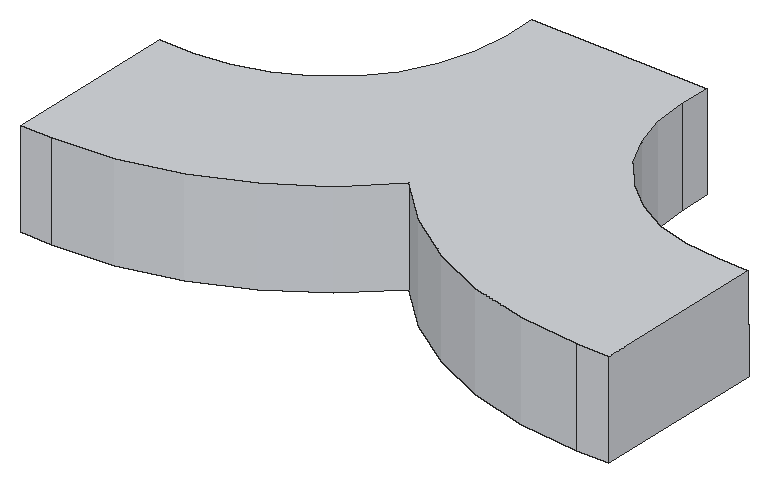
Revit family "M_Y retangular - Curvado", category Conexões de duto, Revit 2019
Family settings
  Cota do conector redondo = Utilizar diâmetro
  Tipo de parte = Tê
  Número OmniClass = 23.75.70.14
  Título OmniClass = Air Ductwork
  ID de item do Seek = Rectangular Wye - Curved-0000-CAN-ENU
  Com base no plano de trabalho = Não
  Sempre na vertical = Sim
  Corte com vazios quando carregada = Não
  Compartilhado = Não
Parameters (values of type "Padrão")
  Comprimento do anteparo [instance] = 100 mm
  Raio [instance] = Largura do duto * 1.5  # 825 mm
  Largura do duto [instance] = 550 mm
  Altura do duto [instance] = 300 mm
Reference planes
  plane 1 "Centro (Frente/Trás)": y = 0
  plane 2: z = 0
  plane 3 "Centro (Esquerda/Direita)": x = 0
  plane 4: y = 825
  plane 5: x = -825
  plane 6: x = 825
  plane 7: x = -925
  plane 8: y = 925
  plane 9: x = 925
Forms (mm)
  Sweep 1, solid, detail levels medium+fine
    path in 3D
      loop
        arc (0, 825, 0) -> (-241.637, 241.637, 0) -> (-825, 0, 0) r 825
    profile "M_Duto - Retangular : Duto - Retangular" origin (-241.637, 241.637, 0) x (0.707107, -0.707107, 0) y (0, 0, 1)
      loop
        line (-275, 150) -> (-275, -150) -> (275, -150) -> (275, 150) -> (-275, 150)
  Sweep 2, solid, detail levels medium+fine
    path in 3D
      loop
        arc (825, 0, 0) -> (241.637, 241.637, 0) -> (0, 825, 0) r 825
    profile "M_Duto - Retangular : Duto - Retangular" origin (241.637, 241.637, 0) x (-0.707107, -0.707107, 0) y (0, 0, 1)
      loop
        line (-275, 150) -> (-275, -150) -> (275, -150) -> (275, 150) -> (-275, 150)
  Sweep 3, solid, detail levels medium+fine
    path in 3D
      loop
        line (-825, 0, 0) -> (-925, 0, 0)
    profile "M_Duto - Retangular : Duto - Retangular" origin (-875, 0, 0) x (0, -1, 0) y (0, 0, 1)
      loop
        line (-275, 150) -> (-275, -150) -> (275, -150) -> (275, 150) -> (-275, 150)
  Sweep 4, solid, detail levels medium+fine
    path in 3D
      loop
        line (0, 925, 0) -> (0, 825, 0)
    profile "M_Duto - Retangular : Duto - Retangular" origin (0, 875, 0) x (1, 0, 0) y (0, 0, 1)
      loop
        line (-275, 150) -> (-275, -150) -> (275, -150) -> (275, 150) -> (-275, 150)
  Sweep 5, solid, detail levels medium+fine
    path in 3D
      loop
        line (925, 0, 0) -> (825, 0, 0)
    profile "M_Duto - Retangular : Duto - Retangular" origin (875, 0, 0) x (0, -1, 0) y (0, 0, 1)
      loop
        line (-275, 150) -> (-275, -150) -> (275, -150) -> (275, 150) -> (-275, 150)
Cuts and joins
  joined: Sweep 1, Sweep 2, Sweep 3, Sweep 4, Sweep 5
Lines and regions (mm)
  model lines, detail levels coarse
    curve 1: arc (0, 825, 0) -> (-241.637, 241.637, 0) -> (-825, 0, 0) r 825
    curve 2: arc (825, 0, 0) -> (241.637, 241.637, 0) -> (0, 825, 0) r 825
    curve 5: line (-825, 0, 0) -> (-925, 0, 0)
    curve 6: line (0, 925, 0) -> (0, 825, 0)
    curve 7: line (925, 0, 0) -> (825, 0, 0)
  sketch lines
    curve 3: arc (0, 825, 0) -> (-241.637, 241.637, 0) -> (-825, 0, 0) r 825
    curve 4: arc (825, 0, 0) -> (241.637, 241.637, 0) -> (0, 825, 0) r 825
    curve 8: line (-825, 0, 0) -> (-925, 0, 0)
    curve 9: line (0, 925, 0) -> (0, 825, 0)
    curve 10: line (925, 0, 0) -> (825, 0, 0)
Dimensions and locks
  "Raio": plane 1 "Centro (Frente/Trás)" to plane 4
  "Raio": plane 5 to plane 3 "Centro (Esquerda/Direita)"
  "Raio": plane 3 "Centro (Esquerda/Direita)" to plane 6
  "Comprimento do anteparo": plane 7 to plane 5
  "Comprimento do anteparo": plane 4 to plane 8
  "Comprimento do anteparo": plane 6 to plane 9
  "Raio": radius of curve 1
  "Raio": radius of curve 2
  aligned and locked: plane 4 to curve 1
  aligned and locked: plane 5 to curve 1
  aligned and locked: plane 4 to curve 2
  aligned and locked: plane 7 to curve 5
  aligned and locked: plane 5 to curve 5
  aligned and locked: curve 6 to plane 3 "Centro (Esquerda/Direita)"
  aligned and locked: plane 8 to curve 6
  aligned and locked: plane 9 to curve 7
  aligned and locked: curve 7 to plane 1 "Centro (Frente/Trás)"
Connectors
  hvac at (-925, 0, 0), driven by "Altura do duto", driven by "Largura do duto"
    settings: on Sweep 3, index 1, duct flow 0.0 L/s, flow factor 0, pres drop 0.0 Pa, loss coef 0, conn angle 0.00°, conn width 550 mm, conn height 300 mm, conn diameter 609.6 mm, duct sys type 28, conn prof type 1, flow config 0, flow direction 0, loss method 0, conn ref index -1, conn util no, is conn primary yes, conn desc ""
  hvac at (925, 0, 0), driven by "Altura do duto", driven by "Largura do duto"
    settings: on Sweep 5, index 2, duct flow 0.0 L/s, flow factor 0, pres drop 0.0 Pa, loss coef 0, conn angle 0.00°, conn width 550 mm, conn height 300 mm, conn diameter 609.6 mm, duct sys type 28, conn prof type 1, flow config 0, flow direction 0, loss method 0, conn ref index -1, conn util no, is conn primary no, conn desc ""
  hvac at (0, 925, 0), driven by "Altura do duto", driven by "Largura do duto"
    settings: on Sweep 4, index 3, duct flow 0.0 L/s, flow factor 0, pres drop 0.0 Pa, loss coef 0, conn angle 0.00°, conn width 550 mm, conn height 300 mm, conn diameter 609.6 mm, duct sys type 28, conn prof type 1, flow config 0, flow direction 0, loss method 0, conn ref index -1, conn util no, is conn primary no, conn desc ""
